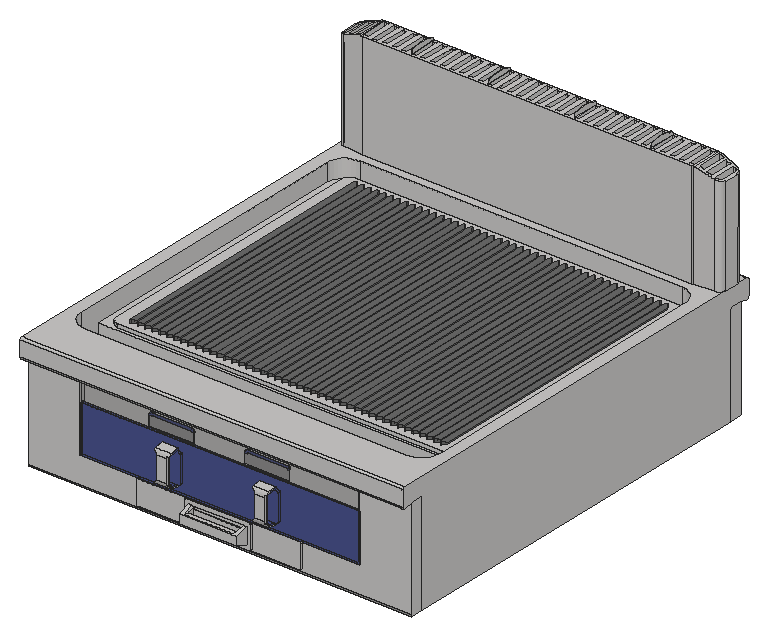
Revit family "QF_ELECTROLUXPROFESSIONAL_593322_MCHNAADOVO", category Specialty Equipment, Revit 2018
Family settings
  Round Connector Dimension = Use Diameter
  Part Type = Normal
  Work Plane-Based = No
  Always vertical = Yes
  Cut with Voids When Loaded = No
  Shared = No
  Room Calculation Point = No
Parameters (values of type "Standard")
  Weight = 69.00 kg
  Watts = 0 W
  Volts = 0 V
  URL Manufacturer = "http://professional.electrolux.com"
  URL = "http://professional.electrolux.com"
  Steam Supply Size = 0"
  Steam Supply Minimum Pressure = 0.00 psi
  Steam Supply Maximum Pressure = 0.00 psi
  Steam Pounds per Hour = 0
  Show Clearance [instance] = yes
  Refrigeration Suction Line Size = 0 mm
  Refrigeration Liquid Line Size = 0 mm
  Refrigerant Compressor Remote = yes
  Phase = 0
  Model = "MCHNAADOVO"
  Manufacturer = "Electrolux Professional"
  Length Actual = 400 mm  # constant formula
  Item Number = "593322"
  Hot Water Size = 0"
  Height Actual = 250 mm  # constant formula
  HP = "0 HP"
  Gas Size = 1/2"
  Gas KW = 10
  Gas Input Pressure = 0.817856 Btu/h
  Direct Waste Size = 0"
  Description = "GAS FRYTOP,RBD,TOWNGAS,1Z,400X900X250"
  Depth Actual = 900 mm  # constant formula
  Cycle = 0 Hz
  Condensate Return Size = 0"
  Compressed Air Volume = 0 GPM
  Compressed Air Size = 0"
  Compressed Air Pressure = 0.00 psi
  Cold Water Size = 0"
  Back Panel [instance] = yes
  Accessory = yes
Reference planes
  plane 1 "BACK": y = 0
  plane 2: z = 0
  plane 3 "LEFT": x = 0
  plane 4 "RIGHT": x = 800
  plane 5 "FRONT": y = -900
  plane 6 "TOP": z = 250
  plane 7: x = 400
  plane 8: y = -450
  plane 9: z = 481
  plane 10: y = -1330
Forms (mm)
  Extrusion 1, solid, material "QF_Finishes_Stainless Steel"
    sketch origin (0, -487.128, 0) x (0, 1, 0) y (0, 0, 1)
      loop
        line (483.128, 250) -> (-408.872, 250)
        arc (-408.872, 250) -> (-411.7, 248.828) -> (-412.872, 246) r 4
        line (-412.872, 246) -> (-412.872, 214)
        arc (-412.872, 214) -> (-411.443, 210.936) -> (-408.177, 210.061) r 4
        line (-408.177, 210.061) -> (-391.509, 213) -> (-366.872, 213) -> (-366.872, 0) -> (441.128, 0) -> (441.128, 213) -> (465.765, 213) -> (482.433, 210.061)
        arc (482.433, 210.061) -> (485.699, 210.936) -> (487.128, 214) r 4
        line (487.128, 214) -> (487.128, 246)
        arc (487.128, 246) -> (485.956, 248.828) -> (483.128, 250) r 4
    from 0 to 800
  Extrusion 2, solid, material "QF_Finishes_Stainless Steel", visible <- "Back Panel"
    sketch origin (0, 0, 0) x (0, 1, 0) y (0, 0, 1)
      loop
        line (-46, 0) -> (-20, 0) -> (-20, 213) -> (-46, 213) -> (-46, 0)
    from 0 to 800
  Extrusion 3, void
    sketch origin (653.786, 44.048, 250) x (1, 0, 0) y (0, -1, 0)
      loop
        line (-590.636, 138.048) -> (83.064, 138.048)
        arc (83.064, 138.048) -> (110.04, 149.222) -> (121.214, 176.198) r 38.15
        line (121.214, 176.198) -> (121.214, 816.572)
        arc (121.214, 816.572) -> (109.944, 843.779) -> (82.737, 855.048) r 38.476
        line (82.737, 855.048) -> (-591.786, 855.048)
        arc (-591.786, 855.048) -> (-617.949, 844.211) -> (-628.786, 818.048) r 37
        line (-628.786, 818.048) -> (-628.786, 176.198)
        arc (-628.786, 176.198) -> (-617.613, 149.222) -> (-590.636, 138.048) r 38.15
    from 0 to 37
  Extrusion 4, void
    sketch origin (1307.573, 92.096, 213) x (0, 1, 0) y (1, 0, 0)
      loop
        line (-821.846, -532.573) -> (-864.62, -532.573)
        arc (-864.62, -532.573) -> (-891.827, -543.842) -> (-903.096, -571.049) r 38.476
        line (-903.096, -571.049) -> (-903.096, -1245.573)
        arc (-903.096, -1245.573) -> (-892.259, -1271.736) -> (-866.096, -1282.573) r 37
        line (-866.096, -1282.573) -> (-821.846, -1282.573) -> (-821.846, -532.573)
    from 0 to 25.6
  Extrusion 5, void
    sketch origin (1612.573, 92.096, 187.4) x (-1, 0, 0) y (0, 1, 0)
      loop
        circle (1212.573, -862.096) r 22.248
    from 0 to 92
  Extrusion 6, solid, material "QF_Finishes_Stainless Steel"
    sketch origin (0, -854, 0) x (1, 0, 0) y (0, -1, 0)
      loop
        circle (765, -264) r 6.35
    from 0 to 3.2
  Extrusion 7, solid, material "QF_Door-Drawer Clearances", visible <- "Show Clearance", detail levels coarse
    sketch origin (437.31, -881.593, 8.62) x (0, 0, 1) y (-1, 0, 0)
      loop
        line (1.973, -134.295) -> (49.317, -134.295)
        arc (49.317, -134.295) -> (50.776, -133.691) -> (51.38, -132.232) r 2.063
        line (51.38, -132.232) -> (51.38, 206.852)
        arc (51.38, 206.852) -> (50.88, 208.549) -> (49.541, 209.705) r 3.133
        line (49.541, 209.705) -> (3.067, 209.705)
        arc (3.067, 209.705) -> (0.898, 208.807) -> (0, 206.638) r 3.067
        line (0, 206.638) -> (0, -132.322)
        arc (0, -132.322) -> (0.578, -133.717) -> (1.973, -134.295) r 1.973
    from 0 to 448.407
  Extrusion 8, solid, material "QF_Clearances", visible <- "Show Clearance", detail levels coarse
    sketch origin (-178.969, -4572, 0) x (-1, 0, 0) y (0, -1, 0)
      loop
        line (-78.969, -3672) -> (-178.969, -3672) -> (-178.969, -4572) -> (-978.969, -4572) -> (-978.969, -3672) -> (-1078.969, -3672) -> (-1078.969, -4672) -> (-78.969, -4672) -> (-78.969, -3672)
    from 0 to 250
Cuts and joins
  Extrusion 3, Extrusion 4, Extrusion 5 cuts Extrusion 1
Lines and regions (mm)
  symbolic lines
    curve 1: line (493.666, -902.326, 0) -> (493.666, -900, 0)
    curve 2: spline (499.334, -903.73, 0) -> (498.856, -903.657, 0) -> (498.378, -903.575, 0) -> (497.901, -903.486, 0) -> (497.425, -903.389, 0) -> (496.95, -903.283, 0) -> (496.476, -903.17, 0) -> (496.004, -903.049, 0) -> (495.533, -902.92, 0) -> (495.064, -902.783, 0) -> (494.596, -902.638, 0) -> (494.13, -902.486, 0) -> (493.666, -902.326, 0)
    curve 3: line (525.881, -902.326, 0) -> (525.881, -900, 0)
    curve 4: spline (525.881, -902.326, 0) -> (525.417, -902.486, 0) -> (524.951, -902.638, 0) -> (524.483, -902.783, 0) -> (524.014, -902.92, 0) -> (523.543, -903.049, 0) -> (523.071, -903.17, 0) -> (522.597, -903.283, 0) -> (522.122, -903.389, 0) -> (521.646, -903.486, 0) -> (521.169, -903.575, 0) -> (520.691, -903.657, 0) -> (520.213, -903.73, 0)
    curve 5: line (499.334, -903.73, 0) -> (520.213, -903.73, 0)
    curve 6: line (25, -774, 0) -> (25, -132.15, 0)
    curve 7: arc (25, -132.15, 0) -> (36.174, -105.174, 0) -> (63.15, -94, 0) r 38.15
    curve 8: line (63.15, -94, 0) -> (736.85, -94, 0)
    curve 9: arc (736.85, -94, 0) -> (763.826, -105.174, 0) -> (775, -132.15, 0) r 38.15
    curve 10: line (775, -132.15, 0) -> (775, -772.524, 0)
    curve 11: arc (775, -772.524, 0) -> (763.731, -799.731, 0) -> (736.524, -811, 0) r 38.476
    curve 12: line (736.524, -811, 0) -> (62, -811, 0)
    curve 13: arc (62, -811, 0) -> (35.837, -800.163, 0) -> (25, -774, 0) r 37
    curve 14: line (775, -729.75, 0) -> (25, -729.75, 0)
    curve 15: circle (400, -770, 0) r 22.248 normal (0, 0, -1)
    curve 16: line (0, 0, 0) -> (800, 0, 0)
    curve 17: line (0, -900, 0) -> (0, 0, 0)
    curve 18: line (800, -900, 0) -> (0, -900, 0)
    curve 19: line (800, 0, 0) -> (800, -900, 0)
    curve 20: line (347.608, -908.767, 0) -> (450.042, -908.767, 0)
    curve 21: line (450.042, -908.767, 0) -> (451.588, -900, 0)
    curve 22: line (347.608, -908.767, 0) -> (346.062, -900, 0)
  symbolic lines, style "QF_Door-Drawer Clearances"
    curve 23: line (227.605, -1330, 0) -> (227.605, -900, 0)
    curve 24: line (227.605, -1330, 0) -> (571.605, -1330, 0)
    curve 25: line (571.605, -1330, 0) -> (571.605, -900, 0)
  symbolic lines, style "QF_Clearances", visible <- "Show Clearance", detail levels coarse
    curve 26: line (-100, 100, 0) -> (-100, -900, 0)
    curve 27: line (900, 100, 0) -> (-100, 100, 0)
    curve 28: line (900, -900, 0) -> (900, 100, 0)
Dimensions and locks
  plane 3 "LEFT" to plane 4 "RIGHT" = 800 mm
  plane 5 "FRONT" to plane 1 "BACK" = 900 mm
  equal spacing: plane 3 "LEFT", plane 7, plane 4 "RIGHT"
  equal spacing: plane 5 "FRONT", plane 8, plane 1 "BACK"
  plane 6 "TOP" to level = 250 mm  (x2)
  plane 1 "BACK" to plane 5 "FRONT" = 900 mm
  Extrusion 6 sketch curve to plane 1 "BACK" = 590 mm
  Extrusion 6 sketch curve to plane 4 "RIGHT" = 35 mm
  plane 5 "FRONT" to plane 10 = 430 mm
  plane 9 to plane 6 "TOP" = 231 mm
  plane 9 to level = 481 mm
  Extrusion 8 to plane 3 "LEFT" = 100 mm
  plane 4 "RIGHT" to Extrusion 8 = 100 mm
  plane 1 "BACK" to Extrusion 8 = 100 mm
  aligned and locked: level to plane 2
  aligned and locked: Extrusion 7 to plane 10
  aligned and locked: plane 6 "TOP" to Extrusion 8
  aligned and locked: cut or joined group of Extrusion 1, Extrusion 3, Extrusion 4, Extrusion 5 to plane 4 "RIGHT"
  aligned and locked: Extrusion 2 to plane 4 "RIGHT"
  aligned and locked: plane 7 to nested 1
  aligned and locked: plane 7 to nested 2
  aligned and locked: nested 3 to nested 2
Automatic sketch dimensions
  Extrusion 2 sketch curve to Extrusion 2 sketch curve = 26 mm
  plane 1 "BACK" to Extrusion 2 sketch curve = 20 mm
  Extrusion 1 to Extrusion 3 sketch curve = 90 mm
  Extrusion 1 to Extrusion 3 sketch curve = 122 mm
  Extrusion 1 to Extrusion 3 sketch curve = 25 mm
  Extrusion 3 sketch curve to Extrusion 3 sketch curve = 38.15 mm  (x2)
  Extrusion 1 to Extrusion 3 sketch curve = 123.476 mm
  Extrusion 1 to Extrusion 3 sketch curve = 85 mm
  Extrusion 3 sketch curve to Extrusion 3 sketch curve = 674.524 mm
  Extrusion 1 sketch curve to plane 5 "FRONT" = 0 mm
  Extrusion 1 sketch curve to plane 6 "TOP" = 0 mm
  Extrusion 1 sketch curve to level = 0 mm
  Extrusion 1 sketch curve to plane 1 "BACK" = 0 mm
  Extrusion 1 sketch curve to plane 6 "TOP" = 37 mm  (x2)
  Extrusion 1 sketch curve to plane 5 "FRONT" = 4 mm
  Extrusion 1 sketch curve to plane 5 "FRONT" = 21.363 mm
  Extrusion 1 sketch curve to plane 5 "FRONT" = 46 mm
  plane 1 "BACK" to Extrusion 1 sketch curve = 21.363 mm
  plane 1 "BACK" to Extrusion 1 sketch curve = 4 mm  (x2)
  Extrusion 1 sketch curve to Extrusion 1 sketch curve = 4 mm
  Extrusion 1 sketch curve to Extrusion 1 sketch curve = 0.695 mm
  Extrusion 1 sketch curve to Extrusion 1 sketch curve = 0 mm  (x4)
  plane 1 "BACK" to Extrusion 1 sketch curve = 4.695 mm
  Extrusion 1 sketch curve to Extrusion 1 sketch curve = 1 mm  (x2)
  plane 1 "BACK" to Extrusion 1 sketch curve = 46 mm
  Extrusion 4 sketch curve to Extrusion 3 = 81.25 mm
  Extrusion 3 to Extrusion 4 sketch curve = 0 mm  (x2)
  Extrusion 4 sketch curve to Extrusion 4 sketch curve = 37 mm
  Extrusion 4 sketch curve to Extrusion 4 sketch curve = 674.524 mm
  Extrusion 4 sketch curve to Extrusion 3 = 38.476 mm
  Extrusion 5 sketch curve to Extrusion 4 = 41 mm
  Extrusion 5 sketch curve to Extrusion 4 = 375 mm
  plane 1 "BACK" to curve 16 = 0 mm
  curve 16 to plane 4 "RIGHT" = 0 mm
  curve 23 to plane 10 = 0 mm
  curve 17 to plane 3 "LEFT" = 0 mm
  plane 5 "FRONT" to curve 25 = 0 mm
  plane 4 "RIGHT" to curve 10 = 25 mm
  curve 10 to curve 8 = 38.15 mm
  curve 11 to curve 12 = 38.476 mm
  plane 5 "FRONT" to curve 21 = 8.767 mm
  plane 5 "FRONT" to curve 3 = 2.326 mm
  plane 7 to curve 3 = 125.881 mm
  plane 5 "FRONT" to curve 5 = 3.73 mm
  curve 3 to curve 5 = 5.669 mm
  curve 5 to curve 22 = 172.605 mm
  curve 5 to curve 20 = 151.727 mm
  plane 5 "FRONT" to curve 1 = 2.326 mm
  curve 2 to curve 1 = 5.669 mm
  plane 3 "LEFT" to curve 8 = 63.15 mm
  plane 3 "LEFT" to curve 12 = 62 mm
  plane 3 "LEFT" to curve 23 = 227.605 mm
  plane 3 "LEFT" to curve 6 = 25 mm
  plane 4 "RIGHT" to curve 25 = 228.395 mm
  plane 5 "FRONT" to curve 4 = 4.032 mm
  curve 5 to curve 4 = 4.17 mm
  curve 4 to curve 22 = 169.98 mm
  curve 4 to curve 2 = 12.538 mm
  curve 15 to curve 13 = 338 mm
  plane 1 "BACK" to curve 8 = 94 mm
  curve 10 to plane 5 "FRONT" = 127.476 mm
  curve 14 to curve 13 = 44.25 mm
  curve 15 to curve 13 = 4 mm
  curve 2 to curve 4 = 0 mm
  plane 7 to curve 21 = 50.042 mm
  curve 21 to curve 20 = 1.546 mm
  plane 1 "BACK" to Extrusion 8 sketch curve = 0 mm
  plane 5 "FRONT" to Extrusion 8 sketch curve = 0 mm  (x2)
  Extrusion 8 sketch curve to plane 4 "RIGHT" = 100 mm
  Extrusion 8 sketch curve to plane 1 "BACK" = 100 mm
  Extrusion 8 sketch curve to plane 3 "LEFT" = 100 mm
  Extrusion 8 sketch curve to plane 3 "LEFT" = 0 mm
  Extrusion 8 sketch curve to plane 4 "RIGHT" = 0 mm
  curve 26 to plane 3 "LEFT" = 100 mm
  curve 26 to plane 1 "BACK" = 100 mm
  plane 5 "FRONT" to curve 26 = 0 mm
  curve 27 to plane 4 "RIGHT" = 100 mm
  plane 5 "FRONT" to curve 28 = 0 mm
  level to Extrusion 7 sketch curve = 8.62 mm
  level to Extrusion 7 sketch curve = 57.937 mm
  plane 7 to Extrusion 7 sketch curve = 171.605 mm
  Extrusion 7 sketch curve to Extrusion 7 sketch curve = 1.973 mm
  Extrusion 7 sketch curve to Extrusion 7 sketch curve = 3.067 mm
  Extrusion 7 sketch curve to Extrusion 7 sketch curve = 46.474 mm
  Extrusion 7 sketch curve to Extrusion 7 sketch curve = 2.063 mm
  Extrusion 7 sketch curve to Extrusion 7 sketch curve = 3.133 mm
  Extrusion 7 sketch curve to plane 7 = 169.328 mm
  Extrusion 2 sketch curve to level = 0 mm
  Extrusion 2 sketch curve to plane 6 "TOP" = 37 mm
  radius of Extrusion 5 sketch curve = 22.248 mm
  radius of Extrusion 6 sketch curve = 6.35 mm
  radius of curve 15 = 22.248 mm
Nested families
  nested 1: "GG_900_800 Front Panel with Center Grease Trap" at (0, -854, -650), type "GG_900_800 Front Panel with Center Grease Trap"
  nested 2: "GG_900_Backsplash for 800 fryer" at (388.888, -5, -635.571), type "GG_900_Backsplash for 800 fryer"
  nested 3: "GG_900_800 mm Full Grate" at (400, -411.875, -675), type "GG_900_800 mm Full Grate"
Connectors
  piping at (765, -590, -3.2), diameter 12.8
    settings: on Extrusion 6, index 1, connector inside diameter 0.50394", connector length 0 mm, flow factor 0, pipe flow 0 GPM, pressure drop 0.00 psi, fitting loss kfactor 0, connector angle 0.00°, fixture units 0, engagement length 0 mm, angle of deflection 0.00°, flow configuration 1, flow direction 1, fitting loss method 0, system type 7, joint type 0, gender type 0, connector reference index -1, connector utility 0, adjustable connector no, is connector primary yes, connector description "GAS CONNECTION"
Definition of nested family "GG_900_800 Front Panel with Center Grease Trap"
  Reference planes
    plane 1 "Center (Front/Back)": y = 0
    plane 2: z = 0
    plane 3 "Center (Left/Right)": x = 0
    plane 4: y = -26.492
    plane 5: x = 400
    plane 6: x = 522.091
    plane 7: x = 319.468
  Forms (mm)
    Extrusion 1, solid
      sketch origin (1033.217, 829.203, -1.25) x (0, 1, 0) y (0, 0, 1)
        loop
          arc (-854.203, 654.25) -> (-853.324, 652.129) -> (-851.203, 651.25) r 3
          line (-851.203, 651.25) -> (-829.203, 651.25) -> (-829.203, 864.25) -> (-854.203, 864.25) -> (-854.203, 654.25)
      from -1033.217 to -233.217
    Extrusion 2, void
      sketch origin (1033.217, 829.203, -1.25) x (1, 0, 0) y (0, 0, 1)
        loop
          line (-341.217, 853.25) -> (-925.217, 853.25) -> (-925.217, 711.25) -> (-341.217, 711.25) -> (-341.217, 853.25)
      from 843.409 to 854.203
  Cuts and joins
    Extrusion 2 cuts Extrusion 1
  Dimensions and locks
    cut or joined group of Extrusion 1, Extrusion 2 to cut or joined group of Extrusion 1, Extrusion 2 = 108 mm
    nested 2 to plane 3 "Center (Left/Right)" = 108 mm
    nested 2 to plane 3 "Center (Left/Right)" = 252.97 mm
    cut or joined group of Extrusion 1, Extrusion 2 to nested 2 = 253.275 mm
    cut or joined group of Extrusion 1, Extrusion 2 to nested 4 = 297.909 mm
    nested 3 to plane 3 "Center (Left/Right)" = 298.218 mm
    aligned and locked: nested 1 to nested 2
  Nested families
    nested 1: "grease trap door" at (467.599, -25, 0.608) x (-1, 0, 0) z (0, 0, 1), type "grease trap door"
    nested 2: "Long Glass Control Panel w-Two Reads" at (108, -25, 5.811), type "Long Glass Control Panel w-Two Reads"
    nested 3: "Range Control Handle" at (298.218, -28.137, -207.75), type "Range Control Handle"
    nested 4: "Range Control Handle" at (502.091, -28.137, -207.75), type "Range Control Handle"
  Definition of nested family "grease trap door"
    Reference planes
      plane 1 "Center (Front/Back)": y = 0
      plane 2: z = 0
      plane 3 "Center (Left/Right)": x = 0
    Forms (mm)
      Extrusion 1, solid
        sketch origin (1627.55, 854.203, -1.25) x (1, 0, 0) y (0, 0, 1)
          loop
            arc (-1627.55, 661.235) -> (-1626.972, 659.84) -> (-1625.577, 659.262) r 1.973
            line (-1625.577, 659.262) -> (-1494.325, 659.262)
            arc (-1494.325, 659.262) -> (-1492.156, 660.16) -> (-1491.258, 662.329) r 3.067
            line (-1491.258, 662.329) -> (-1491.258, 708.803)
            arc (-1491.258, 708.803) -> (-1492.414, 710.143) -> (-1494.111, 710.642) r 3.133
            line (-1494.111, 710.642) -> (-1625.486, 710.642)
            arc (-1625.486, 710.642) -> (-1626.945, 710.038) -> (-1627.55, 708.579) r 2.063
            line (-1627.55, 708.579) -> (-1627.55, 661.235)
        from 856.795 to 859.203
      Extrusion 2, solid
        sketch origin (445.874, 2476.61, 0) x (0, 1, 0) y (0, 0, 1)
          loop
            line (-2506.377, 675.273) -> (-2481.61, 667.505) -> (-2481.61, 700.995) -> (-2506.377, 693.227) -> (-2506.377, 675.273)
        from -437.68 to -317.68
      Extrusion 3, void
        sketch origin (1627.55, 854.203, -1.25) x (1, 0, 0) y (0, 0, 1)
          loop
            line (-1614.883, 703) -> (-1610.542, 695.433) -> (-1508.17, 695.433) -> (-1503.828, 703) -> (-1614.883, 703)
          loop
            line (-1614.883, 668) -> (-1502.669, 668) -> (-1507.01, 675.567) -> (-1610.542, 675.567) -> (-1614.883, 668)
        from 832.916 to 883.97
      Extrusion 4, void
        sketch origin (447.55, 854.203, -1.25) x (1, 0, 0) y (0, 0, 1)
          loop
            line (-430.542, 695.433) -> (-430.542, 675.567) -> (-328.17, 675.567) -> (-328.17, 695.433) -> (-430.542, 695.433)
        from 859.203 to 874.202
      Extrusion 5, solid
        sketch origin (1627.55, 854.203, -1.25) x (1, 0, 0) y (0, 0, 1)
          loop
            arc (-1731.556, 661.235) -> (-1730.978, 659.84) -> (-1729.583, 659.262) r 1.973
            line (-1729.583, 659.262) -> (-1390.623, 659.262)
            arc (-1390.623, 659.262) -> (-1388.454, 660.16) -> (-1387.556, 662.329) r 3.067
            line (-1387.556, 662.329) -> (-1387.556, 708.803)
            arc (-1387.556, 708.803) -> (-1388.712, 710.143) -> (-1390.409, 710.642) r 3.133
            line (-1390.409, 710.642) -> (-1729.493, 710.642)
            arc (-1729.493, 710.642) -> (-1730.952, 710.038) -> (-1731.556, 708.579) r 2.063
            line (-1731.556, 708.579) -> (-1731.556, 661.235)
        from 854.203 to 856.795
    Cuts and joins
      Extrusion 3 cuts Extrusion 1
      Extrusion 3, Extrusion 4 cuts Extrusion 2
      joined: Extrusion 1, Extrusion 2
    Lines and regions (mm)
      symbolic lines
        curve 1: line (0, -2.593, 0) -> (136.292, -2.593, 0)
        curve 2: line (17.557, -29.767, 0) -> (12.667, -2.593, 0)
        curve 3: line (17.557, -29.767, 0) -> (119.991, -29.767, 0)
        curve 4: line (119.991, -29.767, 0) -> (124.881, -2.593, 0)
        curve 5: line (68.146, -2.593, 0) -> (68.146, -29.767, 0)
      model lines
        curve 6: line (67.599, 0, 658.012) -> (67.599, 0, 709.392)
    Dimensions and locks
      aligned and locked: Extrusion 2 to Extrusion 1
      aligned and locked: Extrusion 3 to Extrusion 2
      aligned and locked: Extrusion 4 to Extrusion 1
  Definition of nested family "Long Glass Control Panel w-Two Reads"
    Reference planes
      plane 1 "Center (Front/Back)": y = 0
      plane 2: z = 0
      plane 3 "Center (Left/Right)": x = 0
      plane 4: x = 584
      plane 5: x = 581.091
      plane 6: x = 350
      plane 7: x = 233.749
      plane 8 "Top": z = 846.189
      plane 9 "Center": x = 292
    Forms (mm)
      Extrusion 1, solid
        sketch origin (550.286, 304.8, -4.308) x (1, 0, 0) y (0, 0, 1)
          loop
            line (-550.286, 806.791) -> (-550.286, 708.497) -> (33.714, 708.497) -> (33.714, 806.791) -> (-550.286, 806.791)
        from 300.031 to 304.8
      Extrusion 2, solid
        sketch origin (550.286, 304.8, -4.308) x (1, 0, 0) y (0, 0, 1)
          loop
            line (-550.286, 850.497) -> (-550.286, 806.791) -> (33.714, 806.791) -> (33.714, 850.497) -> (-550.286, 850.497)
        from 300.031 to 304.8
      Extrusion 3, solid
        sketch origin (550.286, 305.901, -4.308) x (1, 0, 0) y (0, 0, 1)
          loop
            line (-311.561, 812.62) -> (-311.561, 834.177) -> (-316.37, 834.177) -> (-318.169, 835.977) -> (-398.599, 835.977) -> (-400.399, 834.177) -> (-405.316, 834.177) -> (-405.316, 812.62) -> (-311.561, 812.62)
          loop
            line (-111.561, 812.62) -> (-111.561, 834.177) -> (-116.37, 834.177) -> (-118.169, 835.977) -> (-198.599, 835.977) -> (-200.399, 834.177) -> (-205.316, 834.177) -> (-205.316, 812.62) -> (-111.561, 812.62)
        from 304.798 to 306.745
      Extrusion 4, solid
        sketch origin (550.286, 305.901, -4.308) x (1, 0, 0) y (0, 0, 1)
          loop
            line (-318.121, 835.977) -> (-316.321, 834.177) -> (-311.611, 834.177)
            arc (-311.611, 834.177) -> (-312.787, 838.752) -> (-317.062, 840.763) r 5.549
            line (-317.062, 840.763) -> (-399.768, 840.763)
            arc (-399.768, 840.763) -> (-404.024, 838.747) -> (-405.16, 834.177) r 5.5
            line (-405.16, 834.177) -> (-400.351, 834.177) -> (-398.551, 835.977) -> (-318.121, 835.977)
          loop
            line (-200.222, 834.177) -> (-198.422, 835.977) -> (-117.993, 835.977) -> (-116.193, 834.177) -> (-111.482, 834.177)
            arc (-111.482, 834.177) -> (-112.659, 838.752) -> (-116.934, 840.763) r 5.549
            line (-116.934, 840.763) -> (-199.639, 840.763)
            arc (-199.639, 840.763) -> (-203.895, 838.747) -> (-205.031, 834.177) r 5.5
            line (-205.031, 834.177) -> (-200.222, 834.177)
        from 304.798 to 306.745
      Extrusion 5, void
        sketch origin (550.286, 304.8, -4.308) x (1, 0, 0) y (0, 0, 1)
          loop
            line (-547.628, 847.565) -> (-547.628, 710.699) -> (30.804, 710.699) -> (30.804, 847.565) -> (-547.628, 847.565)
        from 303.697 to 304.8
    Cuts and joins
      Extrusion 5 cuts Extrusion 1
      Extrusion 5 cuts Extrusion 2
      Extrusion 5 cuts Extrusion 3
      Extrusion 5 cuts Extrusion 4
    Lines and regions (mm)
      symbolic lines
        curve 1: line (0, 4.769, 0) -> (584, 4.769, 0)
    Dimensions and locks
      plane 4 to plane 3 "Center (Left/Right)" = 584 mm
      locked: plane 4 to plane 5 at 2.909
      plane 4 to plane 6 = 234 mm
      plane 7 to plane 3 "Center (Left/Right)" = 233.749 mm
      aligned and locked: Extrusion 1 to Extrusion 2
      aligned and locked: Extrusion 3 to Extrusion 4
  Definition of nested family "Range Control Handle"
    Reference planes
      plane 1 "Center (Front/Back)": y = 0
      plane 2: z = 0
      plane 3 "Center (Left/Right)": x = 0
      plane 4: z = 971.092
    Forms (mm)
      Extrusion 1, solid
        sketch origin (-746.28, 380.497, 208.931) x (-1, 0, 0) y (0, 0, 1)
          loop
            line (-770.101, 786.798) -> (-770.101, 731.649)
            arc (-770.101, 731.649) -> (-769.759, 730.563) -> (-768.855, 729.87) r 1.893
            line (-768.855, 729.87) -> (-763.474, 727.911) -> (-729.81, 727.911) -> (-724.428, 729.87)
            arc (-724.428, 729.87) -> (-723.525, 730.563) -> (-723.183, 731.649) r 1.893
            line (-723.183, 731.649) -> (-723.183, 786.798)
            arc (-723.183, 786.798) -> (-723.529, 787.894) -> (-724.44, 788.593) r 1.91
            line (-724.44, 788.593) -> (-729.683, 790.819) -> (-763.601, 790.819) -> (-768.844, 788.593)
            arc (-768.844, 788.593) -> (-769.755, 787.894) -> (-770.101, 786.798) r 1.91
        from -382.35 to -378.852
      Sweep 2, solid
        path origin (-746.788, 380.496, 208.091) x (0, -1, 0) y (0, 0, 1)
          loop
            line (379.775, 793.281) -> (395.661, 791.048)
            arc (395.661, 791.048) -> (397.781, 787.377) -> (398.517, 783.202) r 12.207
            line (398.517, 783.202) -> (398.517, 737.368)
            arc (398.517, 737.368) -> (397.781, 733.193) -> (395.661, 729.522) r 12.207
            line (395.661, 729.522) -> (379.775, 727.289)
        profile origin (-746.788, -7.222, 1000.256) x (0, -0.139173, 0.990268) y (-1, 0, 0)
          loop
            line (0.782, -763.123) -> (0.782, -730.907) -> (-1.322, -730.907) -> (-1.322, -763.123) -> (0.782, -763.123)
      Sweep 3, solid
        path origin (-746.788, 380.715, 207.832) x (0, -1, 0) y (0, 0, 1)
          loop
            line (380.478, 795.442) -> (397.218, 793.09)
            arc (397.218, 793.09) -> (399.929, 788.473) -> (400.871, 783.202) r 15.207
            line (400.871, 783.202) -> (400.871, 737.584)
            arc (400.871, 737.584) -> (399.914, 732.274) -> (397.164, 727.633) r 15.207
            line (397.164, 727.633) -> (380.601, 725.305)
        profile origin (-746.788, -8.132, 1002.099) x (0, -0.139173, 0.990268) y (-1, 0, 0)
          loop
            line (0.782, -763.123) -> (0.782, -730.907) -> (-1.322, -730.907) -> (-1.322, -763.123) -> (0.782, -763.123)
      Extrusion 4, void
        sketch origin (889.253, 220.666, 207.993) x (1, 0, 0) y (0, 0, 1)
          loop
            line (-943.038, 816.854) -> (-943.038, 703.686) -> (-899.466, 734.196) -> (-899.466, 786.344) -> (-943.038, 816.854)
        from 230.636 to 242.25
      Extrusion 5, void
        sketch origin (-888.8, 220.666, 207.993) x (-1, 0, 0) y (0, 0, -1)
          loop
            line (-943.038, -816.854) -> (-899.466, -786.344) -> (-899.466, -734.196) -> (-943.038, -703.686) -> (-943.038, -816.854)
        from 230.636 to 242.25
      Extrusion 6, solid
        sketch origin (0, 0, 0) x (1, 0, 0) y (0, 0, 1)
          loop
            circle (0, 971.092) r 7.736
        from -3.137 to -1.645
    Cuts and joins
      Extrusion 4, Extrusion 5 cuts Sweep 3
      Extrusion 4, Extrusion 5 cuts Sweep 2
      joined: Extrusion 1, Extrusion 6
    Lines and regions (mm)
      symbolic lines
        curve 1: line (23.821, 1.645, 0) -> (-23.097, 1.645, 0)
        curve 2: line (16.334, -1.853, 0) -> (23.821, -1.853, 0)
        curve 3: line (-15.881, -19.189, 0) -> (-15.881, -1.853, 0)
        curve 4: line (-23.097, -1.853, 0) -> (-15.881, -1.853, 0)
        curve 5: line (16.334, -19.189, 0) -> (16.334, -1.853, 0)
        curve 6: spline (-15.881, -19.189, 0) -> (-15.417, -19.349, 0) -> (-14.951, -19.501, 0) -> (-14.483, -19.646, 0) -> (-14.014, -19.783, 0) -> (-13.543, -19.912, 0) -> (-13.071, -20.033, 0) -> (-12.597, -20.146, 0) -> (-12.122, -20.251, 0) -> (-11.646, -20.349, 0) -> (-11.169, -20.438, 0) -> (-10.691, -20.52, 0) -> (-10.213, -20.593, 0)
        curve 7: spline (10.666, -20.593, 0) -> (11.144, -20.52, 0) -> (11.622, -20.438, 0) -> (12.099, -20.349, 0) -> (12.575, -20.251, 0) -> (13.05, -20.146, 0) -> (13.524, -20.033, 0) -> (13.996, -19.912, 0) -> (14.467, -19.783, 0) -> (14.936, -19.646, 0) -> (15.404, -19.501, 0) -> (15.87, -19.349, 0) -> (16.334, -19.189, 0)
        curve 8: line (-10.213, -20.938, 0) -> (10.716, -20.938, 0)
        curve 9: line (-23.097, 1.645, 0) -> (-23.097, -1.853, 0)
        curve 10: line (23.821, 1.645, 0) -> (23.821, -1.853, 0)
Definition of nested family "GG_900_Backsplash for 800 fryer"
  Reference planes
    plane 1 "Center (Front/Back)": y = 0
    plane 2: z = 0
    plane 3 "Center (Left/Right)": x = 11.112
    plane 4: x = -388.888
    plane 5: x = 411.112
    plane 6: y = -37.994
  Forms (mm)
    Extrusion 1, solid
      sketch origin (3208.371, -22.924, -275.679) x (1, 0, 0) y (0, 0, 1)
        loop
          line (-3597.259, 1365.162) -> (-3597.259, 1161.25) -> (-2797.259, 1161.25) -> (-2797.259, 1364.934) -> (-2841.553, 1381.055)
          arc (-2841.553, 1381.055) -> (-2844.994, 1381.949) -> (-2848.536, 1382.25) r 21
          line (-2848.536, 1382.25) -> (-3546.608, 1382.25)
          arc (-3546.608, 1382.25) -> (-3550.146, 1381.95) -> (-3553.582, 1381.058) r 21
          line (-3553.582, 1381.058) -> (-3597.259, 1365.162)
      from -17.885 to 48.024
    Extrusion 2, void
      sketch origin (3108.387, -925.98, -226.348) x (1, 0, 0) y (0, 1, 0)
        loop
          line (-3444.887, 915.362) -> (-3444.887, 861.502) -> (-3434.887, 861.502) -> (-3434.887, 915.362) -> (-3444.887, 915.362)
      from 1111.919 to 1332.919
    Extrusion 3, void
      sketch origin (3789.012, -925.98, -226.348) x (1, 0, 0) y (0, 1, 0)
        loop
          line (-3444.887, 915.362) -> (-3444.887, 861.502) -> (-3434.887, 861.502) -> (-3434.887, 915.362) -> (-3444.887, 915.362)
      from 1111.919 to 1332.919
    Extrusion 4, void
      sketch origin (3128.405, -925.98, -226.348) x (1, 0, 0) y (0, 1, 0)
        loop
          line (-3444.887, 915.362) -> (-3444.887, 861.502) -> (-3434.887, 861.502) -> (-3434.887, 915.362) -> (-3444.887, 915.362)
      from 1111.919 to 1332.919
    Extrusion 5, void
      sketch origin (3148.424, -925.98, -226.348) x (1, 0, 0) y (0, 1, 0)
        loop
          line (-3444.887, 915.362) -> (-3444.887, 861.502) -> (-3434.887, 861.502) -> (-3434.887, 915.362) -> (-3444.887, 915.362)
      from 1111.919 to 1332.919
    Extrusion 6, void
      sketch origin (3168.442, -925.98, -226.348) x (1, 0, 0) y (0, 1, 0)
        loop
          line (-3444.887, 915.362) -> (-3444.887, 861.502) -> (-3434.887, 861.502) -> (-3434.887, 915.362) -> (-3444.887, 915.362)
      from 1111.919 to 1332.919
    Extrusion 7, void
      sketch origin (3188.46, -925.98, -226.348) x (1, 0, 0) y (0, 1, 0)
        loop
          line (-3444.887, 915.362) -> (-3444.887, 861.502) -> (-3434.887, 861.502) -> (-3434.887, 915.362) -> (-3444.887, 915.362)
      from 1111.919 to 1332.919
    Extrusion 8, void
      sketch origin (3208.479, -925.98, -226.348) x (1, 0, 0) y (0, 1, 0)
        loop
          line (-3444.887, 915.362) -> (-3444.887, 861.502) -> (-3434.887, 861.502) -> (-3434.887, 915.362) -> (-3444.887, 915.362)
      from 1111.919 to 1332.919
    Extrusion 9, void
      sketch origin (3228.497, -925.98, -226.348) x (1, 0, 0) y (0, 1, 0)
        loop
          line (-3444.887, 915.362) -> (-3444.887, 861.502) -> (-3434.887, 861.502) -> (-3434.887, 915.362) -> (-3444.887, 915.362)
      from 1111.919 to 1332.919
    Extrusion 10, void
      sketch origin (3248.516, -925.98, -226.348) x (1, 0, 0) y (0, 1, 0)
        loop
          line (-3444.887, 915.362) -> (-3444.887, 861.502) -> (-3434.887, 861.502) -> (-3434.887, 915.362) -> (-3444.887, 915.362)
      from 1111.919 to 1332.919
    Extrusion 11, void
      sketch origin (3268.534, -925.98, -226.348) x (1, 0, 0) y (0, 1, 0)
        loop
          line (-3444.887, 915.362) -> (-3444.887, 861.502) -> (-3434.887, 861.502) -> (-3434.887, 915.362) -> (-3444.887, 915.362)
      from 1111.919 to 1332.919
    Extrusion 12, void
      sketch origin (3288.552, -925.98, -226.348) x (1, 0, 0) y (0, 1, 0)
        loop
          line (-3444.887, 915.362) -> (-3444.887, 861.502) -> (-3434.887, 861.502) -> (-3434.887, 915.362) -> (-3444.887, 915.362)
      from 1111.919 to 1332.919
    Extrusion 13, void
      sketch origin (3308.571, -925.98, -226.348) x (1, 0, 0) y (0, 1, 0)
        loop
          line (-3444.887, 915.362) -> (-3444.887, 861.502) -> (-3434.887, 861.502) -> (-3434.887, 915.362) -> (-3444.887, 915.362)
      from 1111.919 to 1332.919
    Extrusion 14, void
      sketch origin (3328.589, -925.98, -226.348) x (1, 0, 0) y (0, 1, 0)
        loop
          line (-3444.887, 915.362) -> (-3444.887, 861.502) -> (-3434.887, 861.502) -> (-3434.887, 915.362) -> (-3444.887, 915.362)
      from 1111.919 to 1332.919
    Extrusion 15, void
      sketch origin (3348.607, -925.98, -226.348) x (1, 0, 0) y (0, 1, 0)
        loop
          line (-3444.887, 915.362) -> (-3444.887, 861.502) -> (-3434.887, 861.502) -> (-3434.887, 915.362) -> (-3444.887, 915.362)
      from 1111.919 to 1332.919
    Extrusion 16, void
      sketch origin (3368.626, -925.98, -226.348) x (1, 0, 0) y (0, 1, 0)
        loop
          line (-3444.887, 915.362) -> (-3444.887, 861.502) -> (-3434.887, 861.502) -> (-3434.887, 915.362) -> (-3444.887, 915.362)
      from 1111.919 to 1332.919
    Extrusion 17, void
      sketch origin (3388.644, -925.98, -226.348) x (1, 0, 0) y (0, 1, 0)
        loop
          line (-3444.887, 915.362) -> (-3444.887, 861.502) -> (-3434.887, 861.502) -> (-3434.887, 915.362) -> (-3444.887, 915.362)
      from 1111.919 to 1332.919
    Extrusion 18, void
      sketch origin (3408.663, -925.98, -226.348) x (1, 0, 0) y (0, 1, 0)
        loop
          line (-3444.887, 915.362) -> (-3444.887, 861.502) -> (-3434.887, 861.502) -> (-3434.887, 915.362) -> (-3444.887, 915.362)
      from 1111.919 to 1332.919
    Extrusion 19, void
      sketch origin (3428.681, -925.98, -226.348) x (1, 0, 0) y (0, 1, 0)
        loop
          line (-3444.887, 915.362) -> (-3444.887, 861.502) -> (-3434.887, 861.502) -> (-3434.887, 915.362) -> (-3444.887, 915.362)
      from 1111.919 to 1332.919
    Extrusion 20, void
      sketch origin (3448.699, -925.98, -226.348) x (1, 0, 0) y (0, 1, 0)
        loop
          line (-3444.887, 915.362) -> (-3444.887, 861.502) -> (-3434.887, 861.502) -> (-3434.887, 915.362) -> (-3444.887, 915.362)
      from 1111.919 to 1332.919
    Extrusion 21, void
      sketch origin (3468.718, -925.98, -226.348) x (1, 0, 0) y (0, 1, 0)
        loop
          line (-3444.887, 915.362) -> (-3444.887, 861.502) -> (-3434.887, 861.502) -> (-3434.887, 915.362) -> (-3444.887, 915.362)
      from 1111.919 to 1332.919
    Extrusion 22, void
      sketch origin (3488.736, -925.98, -226.348) x (1, 0, 0) y (0, 1, 0)
        loop
          line (-3444.887, 915.362) -> (-3444.887, 861.502) -> (-3434.887, 861.502) -> (-3434.887, 915.362) -> (-3444.887, 915.362)
      from 1111.919 to 1332.919
    Extrusion 23, void
      sketch origin (3508.755, -925.98, -226.348) x (1, 0, 0) y (0, 1, 0)
        loop
          line (-3444.887, 915.362) -> (-3444.887, 861.502) -> (-3434.887, 861.502) -> (-3434.887, 915.362) -> (-3444.887, 915.362)
      from 1111.919 to 1332.919
    Extrusion 24, void
      sketch origin (3528.773, -925.98, -226.348) x (1, 0, 0) y (0, 1, 0)
        loop
          line (-3444.887, 915.362) -> (-3444.887, 861.502) -> (-3434.887, 861.502) -> (-3434.887, 915.362) -> (-3444.887, 915.362)
      from 1111.919 to 1332.919
    Extrusion 25, void
      sketch origin (3548.791, -925.98, -226.348) x (1, 0, 0) y (0, 1, 0)
        loop
          line (-3444.887, 915.362) -> (-3444.887, 861.502) -> (-3434.887, 861.502) -> (-3434.887, 915.362) -> (-3444.887, 915.362)
      from 1111.919 to 1332.919
    Extrusion 26, void
      sketch origin (3568.81, -925.98, -226.348) x (1, 0, 0) y (0, 1, 0)
        loop
          line (-3444.887, 915.362) -> (-3444.887, 861.502) -> (-3434.887, 861.502) -> (-3434.887, 915.362) -> (-3444.887, 915.362)
      from 1111.919 to 1332.919
    Extrusion 27, void
      sketch origin (3588.828, -925.98, -226.348) x (1, 0, 0) y (0, 1, 0)
        loop
          line (-3444.887, 915.362) -> (-3444.887, 861.502) -> (-3434.887, 861.502) -> (-3434.887, 915.362) -> (-3444.887, 915.362)
      from 1111.919 to 1332.919
    Extrusion 28, void
      sketch origin (3608.846, -925.98, -226.348) x (1, 0, 0) y (0, 1, 0)
        loop
          line (-3444.887, 915.362) -> (-3444.887, 861.502) -> (-3434.887, 861.502) -> (-3434.887, 915.362) -> (-3444.887, 915.362)
      from 1111.919 to 1332.919
    Extrusion 29, void
      sketch origin (3628.865, -925.98, -226.348) x (1, 0, 0) y (0, 1, 0)
        loop
          line (-3444.887, 915.362) -> (-3444.887, 861.502) -> (-3434.887, 861.502) -> (-3434.887, 915.362) -> (-3444.887, 915.362)
      from 1111.919 to 1332.919
    Extrusion 30, void
      sketch origin (3648.883, -925.98, -226.348) x (1, 0, 0) y (0, 1, 0)
        loop
          line (-3444.887, 915.362) -> (-3444.887, 861.502) -> (-3434.887, 861.502) -> (-3434.887, 915.362) -> (-3444.887, 915.362)
      from 1111.919 to 1332.919
    Extrusion 31, void
      sketch origin (3668.902, -925.98, -226.348) x (1, 0, 0) y (0, 1, 0)
        loop
          line (-3444.887, 915.362) -> (-3444.887, 861.502) -> (-3434.887, 861.502) -> (-3434.887, 915.362) -> (-3444.887, 915.362)
      from 1111.919 to 1332.919
    Extrusion 32, void
      sketch origin (0, 0, 0) x (1, 0, 0) y (0, 1, 0)
        loop
          line (-373.021, -61.567) -> (-373.021, -14.408) -> (-377.678, -14.821)
          spline (-377.678, -14.821) -> (-378.371, -14.929) -> (-379.046, -15.126) -> (-379.692, -15.41) -> (-380.301, -15.777) -> (-380.864, -16.22) -> (-381.37, -16.734) -> (-381.814, -17.309) -> (-382.188, -17.939) -> (-382.486, -18.613) -> (-382.704, -19.32) -> (-382.839, -20.051) -> (-382.888, -20.793)
          line (-382.888, -20.793) -> (-382.888, -55.104)
          spline (-382.888, -55.104) -> (-382.855, -55.807) -> (-382.746, -56.501) -> (-382.562, -57.176) -> (-382.305, -57.825) -> (-381.98, -58.437) -> (-381.589, -59.005) -> (-381.14, -59.521) -> (-380.637, -59.978) -> (-380.087, -60.369) -> (-379.499, -60.69) -> (-378.879, -60.936) -> (-378.237, -61.104)
          line (-378.237, -61.104) -> (-373.021, -61.567)
        loop
          line (-367.195, -62.083) -> (-357.328, -62.958) -> (-357.328, -13.046) -> (-367.195, -13.892) -> (-367.195, -62.083)
        loop
          line (-351.502, -12.529) -> (-351.502, -63.476) -> (-341.546, -64.358) -> (-341.546, -11.645) -> (-351.502, -12.529)
        loop
          line (399.338, -14.802) -> (395.245, -14.439) -> (395.245, -61.567) -> (399.902, -61.184)
          spline (399.902, -61.184) -> (400.6, -61.075) -> (401.279, -60.875) -> (401.93, -60.588) -> (402.542, -60.217) -> (403.106, -59.768) -> (403.614, -59.248) -> (404.058, -58.666) -> (404.43, -58.029) -> (404.726, -57.349) -> (404.94, -56.634) -> (405.069, -55.897) -> (405.112, -55.149)
          line (405.112, -55.149) -> (405.112, -20.839)
          spline (405.112, -20.839) -> (405.061, -20.042) -> (404.913, -19.26) -> (404.668, -18.505) -> (404.333, -17.791) -> (403.912, -17.13) -> (403.412, -16.534) -> (402.844, -16.014) -> (402.215, -15.577) -> (401.539, -15.233) -> (400.825, -14.986) -> (400.087, -14.842) -> (399.338, -14.802)
        loop
          line (389.419, -13.922) -> (379.552, -13.046) -> (379.552, -62.989) -> (389.419, -62.113) -> (389.419, -13.922)
        loop
          line (363.77, -11.615) -> (363.77, -64.389) -> (373.726, -63.506) -> (373.726, -12.499) -> (363.77, -11.615)
      from 885.571 to 1106.571
    Extrusion 33, void
      sketch origin (5.432, 225.414, 0) x (1, 0, 0) y (0, 1, 0)
        loop
          spline (-382.452, -291.267) -> (-383.887, -291.038) -> (-385.284, -290.622) -> (-386.623, -290.026) -> (-387.883, -289.259) -> (-389.044, -288.332) -> (-390.088, -287.26) -> (-391.001, -286.059) -> (-391.767, -284.747) -> (-392.375, -283.345) -> (-392.817, -281.874) -> (-393.084, -280.356) -> (-393.174, -278.815)
          line (-393.174, -278.815) -> (-403.174, -278.815) -> (-403.174, -302.496) -> (-338.508, -302.496) -> (-338.508, -295.112) -> (-382.452, -291.267)
        loop
          line (-382.452, -235.548) -> (-338.508, -231.703) -> (-338.508, -224.32) -> (-403.174, -224.32) -> (-403.174, -248.001) -> (-393.174, -248.001)
          spline (-393.174, -248.001) -> (-393.084, -246.459) -> (-392.817, -244.941) -> (-392.375, -243.47) -> (-391.767, -242.068) -> (-391.001, -240.757) -> (-390.088, -239.556) -> (-389.044, -238.484) -> (-387.883, -237.557) -> (-386.623, -236.79) -> (-385.284, -236.194) -> (-383.887, -235.778) -> (-382.452, -235.548)
        loop
          line (393.082, -291.267) -> (349.139, -295.112) -> (349.139, -302.496) -> (413.805, -302.496) -> (413.805, -278.815) -> (403.805, -278.815)
          spline (403.805, -278.815) -> (403.715, -280.356) -> (403.447, -281.874) -> (403.006, -283.345) -> (402.398, -284.747) -> (401.631, -286.059) -> (400.719, -287.26) -> (399.674, -288.332) -> (398.513, -289.259) -> (397.254, -290.026) -> (395.915, -290.622) -> (394.518, -291.038) -> (393.082, -291.267)
        loop
          spline (393.082, -235.548) -> (394.518, -235.778) -> (395.915, -236.194) -> (397.254, -236.79) -> (398.513, -237.557) -> (399.674, -238.484) -> (400.719, -239.556) -> (401.631, -240.757) -> (402.398, -242.068) -> (403.006, -243.47) -> (403.447, -244.941) -> (403.715, -246.459) -> (403.805, -248.001)
          line (403.805, -248.001) -> (413.805, -248.001) -> (413.805, -224.32) -> (349.139, -224.32) -> (349.139, -231.703) -> (393.082, -235.548)
      from 0 to 1124.213
    Extrusion 34, void
      sketch origin (3688.92, -925.98, -226.348) x (1, 0, 0) y (0, 1, 0)
        loop
          line (-3444.887, 915.362) -> (-3444.887, 861.502) -> (-3434.887, 861.502) -> (-3434.887, 915.362) -> (-3444.887, 915.362)
      from 1111.919 to 1332.919
    Extrusion 35, void
      sketch origin (3708.938, -925.98, -226.348) x (1, 0, 0) y (0, 1, 0)
        loop
          line (-3444.887, 915.362) -> (-3444.887, 861.502) -> (-3434.887, 861.502) -> (-3434.887, 915.362) -> (-3444.887, 915.362)
      from 1111.919 to 1332.919
    Extrusion 36, void
      sketch origin (3728.957, -925.98, -226.348) x (1, 0, 0) y (0, 1, 0)
        loop
          line (-3444.887, 915.362) -> (-3444.887, 861.502) -> (-3434.887, 861.502) -> (-3434.887, 915.362) -> (-3444.887, 915.362)
      from 1111.919 to 1332.919
    Extrusion 37, void
      sketch origin (3748.975, -925.98, -226.348) x (1, 0, 0) y (0, 1, 0)
        loop
          line (-3444.887, 915.362) -> (-3444.887, 861.502) -> (-3434.887, 861.502) -> (-3434.887, 915.362) -> (-3444.887, 915.362)
      from 1111.919 to 1332.919
    Extrusion 38, void
      sketch origin (3768.993, -925.98, -226.348) x (1, 0, 0) y (0, 1, 0)
        loop
          line (-3444.887, 915.362) -> (-3444.887, 861.502) -> (-3434.887, 861.502) -> (-3434.887, 915.362) -> (-3444.887, 915.362)
      from 1111.919 to 1332.919
    Extrusion 39, solid
      sketch origin (259.122, 1835.817, -536.686) x (0, 1, 0) y (0, 0, 1)
        loop
          line (-1849.66, 1651.2) -> (-1860.917, 1653.592)
          arc (-1860.917, 1653.592) -> (-1873.392, 1654.903) -> (-1885.866, 1653.592) r 60
          line (-1885.866, 1653.592) -> (-1897.123, 1651.2)
          arc (-1897.123, 1651.2) -> (-1899.403, 1649.803) -> (-1900.294, 1647.286) r 4
          line (-1900.294, 1647.286) -> (-1900.294, 1644.257) -> (-1846.435, 1644.257) -> (-1846.435, 1647.286)
          arc (-1846.435, 1647.286) -> (-1847.327, 1649.803) -> (-1849.603, 1651.198) r 4
      from 4.99 to 5.99
    Extrusion 40, solid
      sketch origin (1192.52, 0, -506.659) x (1, 0, 0) y (0, 0, 1)
        loop
          line (-1428.929, 1613.23) -> (-1427.196, 1613.23)
          arc (-1427.196, 1613.23) -> (-1426.997, 1613.712) -> (-1426.929, 1614.23) r 2
          line (-1426.929, 1614.23) -> (-1427.929, 1614.23)
          arc (-1427.929, 1614.23) -> (-1428.221, 1613.523) -> (-1428.929, 1613.23) r 1
      from 10.618 to 64.478
    Extrusion 41, solid
      sketch origin (-240.398, 1835.817, -536.686) x (0, 1, 0) y (0, 0, 1)
        loop
          line (-1849.66, 1651.2) -> (-1860.917, 1653.592)
          arc (-1860.917, 1653.592) -> (-1873.392, 1654.903) -> (-1885.866, 1653.592) r 60
          line (-1885.866, 1653.592) -> (-1897.123, 1651.2)
          arc (-1897.123, 1651.2) -> (-1899.403, 1649.803) -> (-1900.294, 1647.286) r 4
          line (-1900.294, 1647.286) -> (-1900.294, 1644.257) -> (-1846.435, 1644.257) -> (-1846.435, 1647.286)
          arc (-1846.435, 1647.286) -> (-1847.327, 1649.803) -> (-1849.603, 1651.198) r 4
      from 4.99 to 5.99
    Extrusion 42, solid
      sketch origin (1352.667, 0, -506.659) x (1, 0, 0) y (0, 0, 1)
        loop
          line (-1428.929, 1613.23) -> (-1427.196, 1613.23)
          arc (-1427.196, 1613.23) -> (-1426.997, 1613.712) -> (-1426.929, 1614.23) r 2
          line (-1426.929, 1614.23) -> (-1427.929, 1614.23)
          arc (-1427.929, 1614.23) -> (-1428.221, 1613.523) -> (-1428.929, 1613.23) r 1
      from 10.618 to 64.478
    Extrusion 43, solid
      sketch origin (-80.251, 1835.817, -536.686) x (0, 1, 0) y (0, 0, 1)
        loop
          line (-1849.66, 1651.2) -> (-1860.917, 1653.592)
          arc (-1860.917, 1653.592) -> (-1873.392, 1654.903) -> (-1885.866, 1653.592) r 60
          line (-1885.866, 1653.592) -> (-1897.123, 1651.2)
          arc (-1897.123, 1651.2) -> (-1899.403, 1649.803) -> (-1900.294, 1647.286) r 4
          line (-1900.294, 1647.286) -> (-1900.294, 1644.257) -> (-1846.435, 1644.257) -> (-1846.435, 1647.286)
          arc (-1846.435, 1647.286) -> (-1847.327, 1649.803) -> (-1849.603, 1651.198) r 4
      from 4.99 to 5.99
    Extrusion 44, solid
      sketch origin (-1162.816, 0, -506.659) x (-1, 0, 0) y (0, 0, -1)
        loop
          arc (-1428.929, -1613.23) -> (-1428.221, -1613.523) -> (-1427.929, -1614.23) r 1
          line (-1427.929, -1614.23) -> (-1426.929, -1614.23)
          arc (-1426.929, -1614.23) -> (-1426.997, -1613.712) -> (-1427.196, -1613.23) r 2
          line (-1427.196, -1613.23) -> (-1428.929, -1613.23)
      from 10.618 to 64.478
    Extrusion 45, solid
      sketch origin (98.915, 1835.817, -536.686) x (0, 1, 0) y (0, 0, 1)
        loop
          line (-1849.66, 1651.2) -> (-1860.917, 1653.592)
          arc (-1860.917, 1653.592) -> (-1873.392, 1654.903) -> (-1885.866, 1653.592) r 60
          line (-1885.866, 1653.592) -> (-1897.123, 1651.2)
          arc (-1897.123, 1651.2) -> (-1899.403, 1649.803) -> (-1900.294, 1647.286) r 4
          line (-1900.294, 1647.286) -> (-1900.294, 1644.257) -> (-1846.435, 1644.257) -> (-1846.435, 1647.286)
          arc (-1846.435, 1647.286) -> (-1847.327, 1649.803) -> (-1849.603, 1651.198) r 4
      from 4.99 to 5.99
    Extrusion 46, solid
      sketch origin (-1323.024, 0, -506.659) x (-1, 0, 0) y (0, 0, -1)
        loop
          arc (-1428.929, -1613.23) -> (-1428.221, -1613.523) -> (-1427.929, -1614.23) r 1
          line (-1427.929, -1614.23) -> (-1426.929, -1614.23)
          arc (-1426.929, -1614.23) -> (-1426.997, -1613.712) -> (-1427.196, -1613.23) r 2
          line (-1427.196, -1613.23) -> (-1428.929, -1613.23)
      from 10.618 to 64.478
  Cuts and joins
    Extrusion 2, Extrusion 3, Extrusion 4, Extrusion 5, Extrusion 6, Extrusion 7, Extrusion 8, Extrusion 9, Extrusion 10, Extrusion 11, Extrusion 12, Extrusion 13, Extrusion 14, Extrusion 15, Extrusion 16, Extrusion 17, Extrusion 18, Extrusion 19, Extrusion 20, Extrusion 21, Extrusion 22, Extrusion 23, Extrusion 24, Extrusion 25, Extrusion 26, Extrusion 27, Extrusion 28, Extrusion 29, Extrusion 30, Extrusion 31, Extrusion 32, Extrusion 33, Extrusion 34, Extrusion 35, Extrusion 36, Extrusion 37, Extrusion 38 cuts Extrusion 1
  Lines and regions (mm)
    symbolic lines
      curve 1: line (340.161, -5.039, 0) -> (-319.049, -5.039, 0)
      curve 2: line (-377.28, -10.134, 0) -> (-319.049, -5.039, 0)
      curve 3: spline (-388.002, -22.586, 0) -> (-387.913, -21.045, 0) -> (-387.645, -19.527, 0) -> (-387.204, -18.056, 0) -> (-386.595, -16.654, 0) -> (-385.829, -15.343, 0) -> (-384.916, -14.142, 0) -> (-383.872, -13.07, 0) -> (-382.711, -12.143, 0) -> (-381.451, -11.376, 0) -> (-380.113, -10.779, 0) -> (-378.715, -10.363, 0) -> (-377.28, -10.134, 0)
      curve 4: line (-388.888, -22.586, 0) -> (-388.888, -53.401, 0)
      curve 5: spline (-377.28, -65.853, 0) -> (-378.715, -65.624, 0) -> (-380.113, -65.208, 0) -> (-381.451, -64.612, 0) -> (-382.711, -63.844, 0) -> (-383.872, -62.918, 0) -> (-384.916, -61.846, 0) -> (-385.829, -60.645, 0) -> (-386.595, -59.333, 0) -> (-387.204, -57.931, 0) -> (-387.645, -56.46, 0) -> (-387.913, -54.942, 0) -> (-388.002, -53.401, 0)
      curve 6: line (-319.049, -70.948, 0) -> (340.161, -70.948, 0)
      curve 7: line (-319.049, -70.948, 0) -> (-377.28, -65.853, 0)
      curve 8: line (398.392, -65.853, 0) -> (340.161, -70.948, 0)
      curve 9: line (411.112, -53.401, 0) -> (411.112, -22.586, 0)
      curve 10: spline (409.114, -53.401, 0) -> (409.025, -54.942, 0) -> (408.757, -56.46, 0) -> (408.316, -57.931, 0) -> (407.707, -59.333, 0) -> (406.941, -60.645, 0) -> (406.028, -61.846, 0) -> (404.984, -62.918, 0) -> (403.823, -63.844, 0) -> (402.564, -64.612, 0) -> (401.225, -65.208, 0) -> (399.827, -65.624, 0) -> (398.392, -65.853, 0)
      curve 11: spline (398.392, -10.134, 0) -> (399.827, -10.363, 0) -> (401.225, -10.779, 0) -> (402.564, -11.376, 0) -> (403.823, -12.143, 0) -> (404.984, -13.07, 0) -> (406.028, -14.142, 0) -> (406.941, -15.343, 0) -> (407.707, -16.654, 0) -> (408.316, -18.056, 0) -> (408.757, -19.527, 0) -> (409.025, -21.045, 0) -> (409.114, -22.586, 0)
      curve 12: line (340.161, -5.039, 0) -> (398.392, -10.134, 0)
      curve 13: line (11.112, 0, 1106.571) -> (11.112, 0, 885.571)
      curve 14: line (409.114, -22.586, 0) -> (411.112, -22.586, 0)
      curve 15: line (409.114, -53.401, 0) -> (411.112, -53.401, 0)
      curve 16: line (-388.888, -22.586, 0) -> (-388.002, -22.586, 0)
      curve 17: line (-388.002, -53.401, 0) -> (-388.888, -53.401, 0)
  Dimensions and locks
    equal spacing: group 1, group 3, group 4, group 5, group 6, group 7, group 8, group 9, group 10, group 11, group 12, group 13, group 14, group 15, group 16, group 17, group 18, group 19, group 20, group 21, group 22, group 23, group 24, group 25, group 26, group 27, group 28, group 29, group 30, group 31, group 32, group 33, group 34, group 35, group 2  (x3)
    plane 5 to plane 4 = 800 mm
    equal spacing: plane 5, plane 3 "Center (Left/Right)", plane 4
    aligned and locked: Extrusion 41 to Extrusion 40
    aligned and locked: Extrusion 43 to Extrusion 42
  Automatic sketch dimensions
    curve 13 to plane 3 "Center (Left/Right)" = 0 mm
    level to curve 13 = 885.571 mm
    curve 13 to curve 13 = 221 mm
    Extrusion 1 sketch curve to plane 4 = 0 mm
    Extrusion 1 sketch curve to plane 5 = 0 mm
    plane 4 to Extrusion 1 sketch curve = 43.677 mm
    Extrusion 1 sketch curve to Extrusion 1 sketch curve = 6.975 mm
    Extrusion 1 sketch curve to plane 5 = 51.277 mm
    Extrusion 1 sketch curve to Extrusion 1 sketch curve = 6.982 mm
    level to Extrusion 1 sketch curve = 885.571 mm
    Extrusion 1 sketch curve to Extrusion 1 sketch curve = 200 mm  (x2)
    Extrusion 1 sketch curve to Extrusion 1 sketch curve = 3.684 mm
    Extrusion 1 sketch curve to Extrusion 1 sketch curve = 3.912 mm
    Extrusion 1 sketch curve to Extrusion 1 sketch curve = 19.805 mm
    plane 4 to Extrusion 32 sketch curve = 6 mm
    Extrusion 32 sketch curve to Extrusion 32 sketch curve = 4.651 mm
    Extrusion 32 sketch curve to Extrusion 32 sketch curve = 5.209 mm
    Extrusion 32 sketch curve to Extrusion 32 sketch curve = 0 mm  (x4)
    Extrusion 32 sketch curve to Extrusion 32 sketch curve = 5.682 mm  (x3)
    Extrusion 32 sketch curve to Extrusion 32 sketch curve = 4.185 mm
    Extrusion 32 sketch curve to Extrusion 32 sketch curve = 5.826 mm  (x4)
    Extrusion 32 sketch curve to Extrusion 32 sketch curve = 9.867 mm  (x2)
    plane 1 "Center (Front/Back)" to Extrusion 32 sketch curve = 12.529 mm
    plane 1 "Center (Front/Back)" to Extrusion 32 sketch curve = 11.645 mm
    Extrusion 32 sketch curve to Extrusion 32 sketch curve = 9.956 mm
    Extrusion 32 sketch curve to plane 5 = 47.342 mm
    plane 1 "Center (Front/Back)" to Extrusion 32 sketch curve = 12.499 mm
    Extrusion 32 sketch curve to Extrusion 32 sketch curve = 9.957 mm
    Extrusion 32 sketch curve to Extrusion 32 sketch curve = 4.093 mm
    Extrusion 32 sketch curve to Extrusion 32 sketch curve = 0.092 mm
    Extrusion 32 sketch curve to plane 5 = 11.682 mm
    Extrusion 32 sketch curve to Extrusion 32 sketch curve = 4.657 mm
    Extrusion 32 sketch curve to Extrusion 32 sketch curve = 0.547 mm  (x2)
    Extrusion 32 sketch curve to Extrusion 32 sketch curve = 0.517 mm  (x5)
    Extrusion 32 sketch curve to Extrusion 32 sketch curve = 0.846 mm
    Extrusion 32 sketch curve to Extrusion 32 sketch curve = 0.876 mm  (x2)
    Extrusion 32 sketch curve to Extrusion 32 sketch curve = 0.393 mm
    Extrusion 32 sketch curve to Extrusion 32 sketch curve = 0.362 mm
    Extrusion 32 sketch curve to Extrusion 32 sketch curve = 0.001 mm
    Extrusion 32 sketch curve to Extrusion 32 sketch curve = 0.02 mm
    Extrusion 32 sketch curve to Extrusion 32 sketch curve = 5.972 mm
    Extrusion 32 sketch curve to Extrusion 32 sketch curve = 6.038 mm  (x2)
    plane 6 to Extrusion 32 sketch curve = 11.118 mm  (x2)
    Extrusion 32 sketch curve to Extrusion 32 sketch curve = 5.993 mm
    Extrusion 32 sketch curve to Extrusion 32 sketch curve = 0.054 mm
    Extrusion 32 sketch curve to Extrusion 32 sketch curve = 0.009 mm
    Extrusion 32 sketch curve to Extrusion 32 sketch curve = 0.463 mm
    Extrusion 32 sketch curve to Extrusion 32 sketch curve = 0.383 mm
    Extrusion 32 sketch curve to Extrusion 32 sketch curve = 0.875 mm
    Extrusion 32 sketch curve to Extrusion 32 sketch curve = 0.518 mm
    Extrusion 32 sketch curve to Extrusion 32 sketch curve = 0.883 mm  (x2)
    Extrusion 32 sketch curve to Extrusion 32 sketch curve = 0.884 mm
    Extrusion 33 sketch curve to plane 4 = 8.854 mm  (x2)
    Extrusion 33 sketch curve to plane 1 "Center (Front/Back)" = 1.094 mm  (x2)
    plane 4 to Extrusion 33 sketch curve = 1.146 mm  (x2)
    plane 4 to Extrusion 33 sketch curve = 11.868 mm  (x2)
    Extrusion 33 sketch curve to Extrusion 33 sketch curve = 11.746 mm  (x2)
    Extrusion 33 sketch curve to Extrusion 33 sketch curve = 43.944 mm  (x2)
    plane 1 "Center (Front/Back)" to Extrusion 33 sketch curve = 6.289 mm  (x2)
    Extrusion 33 sketch curve to plane 5 = 56.541 mm  (x2)
    Extrusion 33 sketch curve to plane 5 = 13.621 mm
    Extrusion 33 sketch curve to plane 6 = 2.907 mm  (x2)
    Extrusion 33 sketch curve to Extrusion 33 sketch curve = 0 mm
    Extrusion 33 sketch curve to Extrusion 33 sketch curve = 1.024 mm  (x2)
    plane 1 "Center (Front/Back)" to Extrusion 33 sketch curve = 10.134 mm
    Extrusion 33 sketch curve to plane 5 = 1.875 mm  (x2)
    plane 5 to Extrusion 33 sketch curve = 8.125 mm  (x2)
    plane 6 to Extrusion 33 sketch curve = 2.907 mm  (x2)
    plane 6 to Extrusion 33 sketch curve = 15.407 mm
    Extrusion 33 sketch curve to Extrusion 33 sketch curve = 12.5 mm
    plane 6 to Extrusion 33 sketch curve = 31.704 mm  (x2)
    Extrusion 33 sketch curve to Extrusion 33 sketch curve = 7.384 mm
    Extrusion 33 sketch curve to Extrusion 33 sketch curve = 11.228 mm
    Extrusion 33 sketch curve to plane 6 = 15.407 mm
    plane 6 to Extrusion 39 sketch curve = 26.484 mm
    Extrusion 39 sketch curve to Extrusion 39 sketch curve = 3.168 mm
    Extrusion 39 sketch curve to Extrusion 39 sketch curve = 0.003 mm
    Extrusion 39 sketch curve to Extrusion 39 sketch curve = 0.832 mm
    Extrusion 39 sketch curve to Extrusion 39 sketch curve = 11.257 mm
    Extrusion 39 sketch curve to Extrusion 39 sketch curve = 0 mm  (x2)
    Extrusion 39 sketch curve to plane 6 = 0.419 mm
    Extrusion 39 sketch curve to plane 6 = 12.894 mm
    Extrusion 39 sketch curve to Extrusion 39 sketch curve = 10.482 mm
    Extrusion 39 sketch curve to Extrusion 39 sketch curve = 0.775 mm
    Extrusion 39 sketch curve to Extrusion 39 sketch curve = 0.056 mm
    Extrusion 39 sketch curve to Extrusion 39 sketch curve = 4 mm
    level to Extrusion 39 sketch curve = 1058.216 mm
    Extrusion 39 sketch curve to Extrusion 39 sketch curve = 49.354 mm
    Extrusion 39 sketch curve to Extrusion 39 sketch curve = 3.029 mm  (x2)
    Extrusion 39 sketch curve to Extrusion 39 sketch curve = 0.001 mm  (x4)
    Extrusion 39 sketch curve to Extrusion 39 sketch curve = 2.392 mm
    Extrusion 40 sketch curve to Extrusion 40 sketch curve = 0 mm  (x3)
    plane 4 to Extrusion 40 sketch curve = 152.48 mm
    Extrusion 40 sketch curve to Extrusion 40 sketch curve = 1 mm  (x2)
    Extrusion 40 sketch curve to Extrusion 40 sketch curve = 0.732 mm
    level to Extrusion 40 sketch curve = 1106.571 mm
    plane 6 to Extrusion 41 sketch curve = 26.484 mm
    Extrusion 41 sketch curve to Extrusion 41 sketch curve = 3.168 mm
    Extrusion 41 sketch curve to Extrusion 41 sketch curve = 0.003 mm
    Extrusion 41 sketch curve to Extrusion 41 sketch curve = 0.832 mm
    Extrusion 41 sketch curve to Extrusion 41 sketch curve = 11.257 mm
    Extrusion 41 sketch curve to Extrusion 41 sketch curve = 0 mm  (x2)
    Extrusion 41 sketch curve to plane 6 = 0.419 mm
    Extrusion 41 sketch curve to plane 6 = 12.894 mm
    Extrusion 41 sketch curve to Extrusion 41 sketch curve = 10.482 mm
